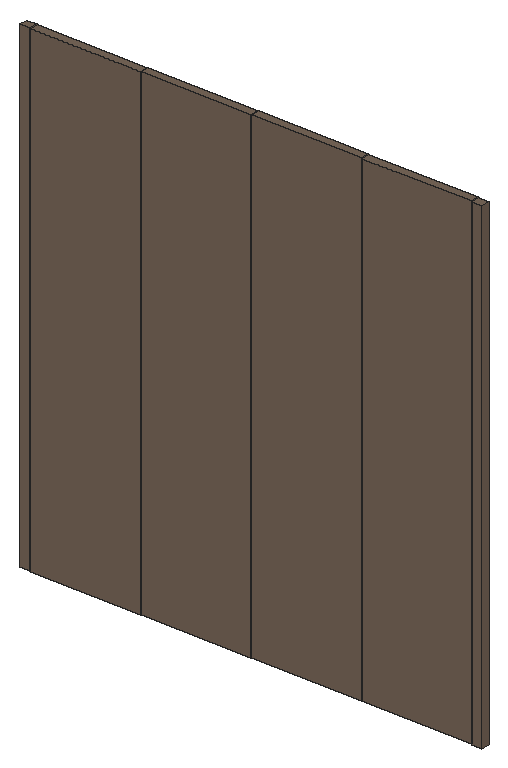
Revit family
Parameters (values of type "가구 현관")
  재료 = 지정천연무늬목마감
Reference planes
  plane 1 "중심(앞/뒤)": y = 0
  plane 2: z = 0
  plane 3 "중심(왼쪽/오른쪽)": x = 0
Forms (mm)
  Extrusion 1, solid, material "지정천연무늬목마감"
    sketch origin (-315.008, 20.114, 0) x (1, 0, 0) y (0, 1, 0)
      loop
        line (-772.738, 0) -> (-772.738, -40) -> (-232.738, -40) -> (-232.738, 0) -> (-772.738, 0)
    from 0 to 2400
  Extrusion 2, solid, material "지정천연무늬목마감"
    sketch origin (229.992, 20.114, 0) x (1, 0, 0) y (0, 1, 0)
      loop
        line (-772.738, 0) -> (-772.738, -40) -> (-232.738, -40) -> (-232.738, 0) -> (-772.738, 0)
    from 0 to 2400
  Extrusion 3, solid, material "지정천연무늬목마감"
    sketch origin (774.992, 20.114, 0) x (1, 0, 0) y (0, 1, 0)
      loop
        line (-772.738, 0) -> (-772.738, -40) -> (-232.738, -40) -> (-232.738, 0) -> (-772.738, 0)
    from 0 to 2400
  Extrusion 4, solid, material "지정천연무늬목마감"
    sketch origin (1317.492, 20.114, 0) x (1, 0, 0) y (0, 1, 0)
      loop
        line (-772.738, 0) -> (-772.738, -40) -> (-232.738, -40) -> (-232.738, 0) -> (-772.738, 0)
    from 0 to 2400
  Extrusion 5, solid, material "지정천연무늬목마감"
    sketch origin (-860.008, 20.114, 0) x (1, 0, 0) y (0, 1, 0)
      loop
        line (-282.738, 0) -> (-282.738, -40) -> (-232.738, -40) -> (-232.738, 0) -> (-282.738, 0)
    from 0 to 2400
  Extrusion 6, solid, material "지정천연무늬목마감"
    sketch origin (854.517, 20, 0) x (-1, 0, 0) y (0, -1, 0)
      loop
        line (-282.738, 0) -> (-232.738, 0) -> (-232.738, 40) -> (-282.738, 40) -> (-282.738, 0)
    from 0 to 2400
